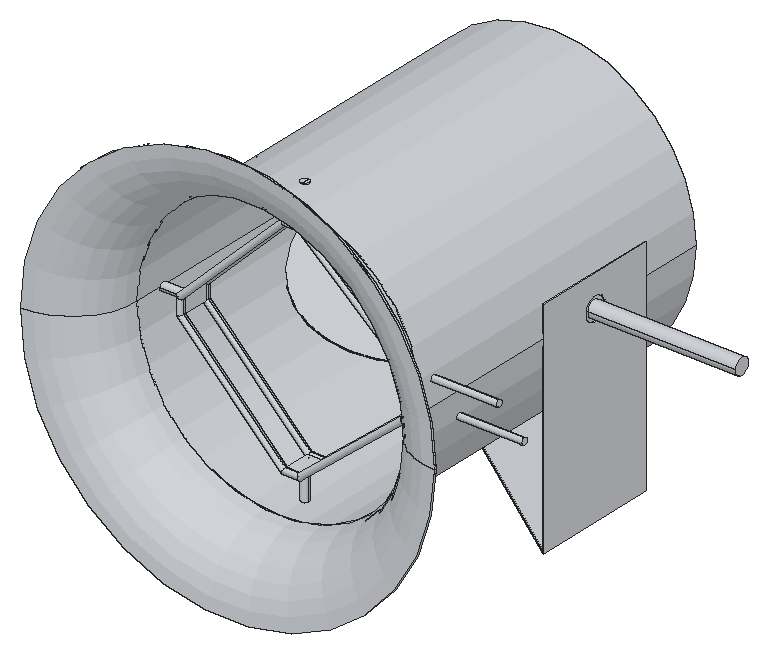
Revit family "R-650", category Mechanical Equipment, Revit 2015
Parameters
  Void Radius [instance] = Radius - 0' 0 5/256"  # 0' - 4 123/256"
  URL = "https://unitedenertech.com/catalog/pdf/L_7%20Model%20R-650.pdf"
  Type Comments = "Consult Factory for Max. Sizes"
  Radius [instance] = 0.5 * A  # 0' - 4 1/2"
  Model = "R-650"
  Manufacturer = "United Enertech Corporation"
  Keynote = ""
  Inner Radius [instance] = Radius - 0' 0 9/256"  # 0' - 4 119/256"
  A = 0' - 9"
  Description = "Retrofit Terminal, Round Ducts"
  C = 1' - 0 3/4"
  Blade Radius [instance] = Inner Radius - 0' 0 3/8"  # 0' - 4 23/256"
Reference planes (in)
  plane 1 "Center (Front/Back)": y = 0
  plane 2: z = 0
  plane 3 "Center (Left/Right)": x = 0
  plane 4: x = -4.5
  plane 5: x = 4.5
  plane 6: y = 8
  plane 7: y = 7
  plane 8: y = 1
  plane 9: x = -5.1
  plane 10: x = -2.6
  plane 11: x = 2.6
  plane 12: x = 9.14655
  plane 13: x = 4.5359
  plane 14: y = 6
  plane 15: y = 2
  plane 16: y = -2.71484
  plane 17: y = -1.71484
  plane 18: y = -4.71484
  plane 19: y = -4.75
  plane 20: x = -6.5
Forms (in)
  Extrusion 1, solid
    sketch origin (0, 0, 0) x (1, 0, 0) y (0, 0, 1)
      loop
        circle (0, 0) r 4.5
      loop
        circle (0, 0) r 4.46484
    from 2.71484 to -8
  Extrusion 2, solid
    sketch origin (0, 2.96472, 3.8637) x (1, 0, 0) y (0, 0.965926, 0.258819)
      loop
        circle (0, 0) r 4.08984
    from -4.01795 to -3.98205
  Extrusion 3, solid
    sketch origin (0, 0, 0) x (0, 1, 0) y (0, 0, 1)
      loop
        circle (4, 0) r 0.25
    from -5.1 to 9.14655
  Extrusion 4, solid
    sketch origin (0, 22.75673, 12.99985) x (0, 1, 0) y (0, 0, 1)
      loop
        line (-16.75673, -11.99985) -> (-20.75673, -11.99985) -> (-20.75673, -18.99985) -> (-16.75673, -18.99985) -> (-16.75673, -11.99985)
      loop
        circle (-18.75673, -12.99985) r 0.375
    from 4.5 to 4.5359
  Extrusion 5, solid
    sketch origin (0, 0, 0) x (1, 0, 0) y (0, 0, 1)
      loop
        line (4.5, -6) -> (4.5, -5.95269) -> (0, -0.55027) -> (0, -0.59758) -> (4.5, -6)
    from -6 to -2
  Extrusion 6, void
    sketch origin (-47.63577, 0, 15.85201) x (1, 0, 0) y (0, 0, 1)
      loop
        circle (47.63577, -15.85201) r 4.5
    from -13.1442 to 3.21369
  Revolve 7, solid
    sketch origin (0, 0, 0) x (1, 0, 0) y (0, 1, 0)
      loop
        arc (-4.5, -2.71484) -> (-5.08579, -4.12906) -> (-6.5, -4.71484) r 2
        line (-6.5, -4.71484) -> (-6.5, -4.75)
        arc (-6.5, -4.75) -> (-5.06093, -4.15392) -> (-4.46484, -2.71484) r 2.03516
        line (-4.46484, -2.71484) -> (-4.5, -2.71484)
      axis (0, -4.75) -> (0, -2.71484)
    angle from 0 to 360
Cuts and joins
  Extrusion 6 cuts Extrusion 5
Dimensions and locks (in)
  equal spacing: plane 4, plane 3 "Center (Left/Right)", plane 5
  "A": plane 4 to plane 5
  locked: plane 8 to plane 1 "Center (Front/Back)" at 1
  locked: plane 6 to plane 7 at 1
  locked: plane 9 to plane 4 at 0.6
  locked: plane 4 to plane 10 at 1.9
  locked: plane 11 to plane 5 at 1.9
  locked: plane 5 to plane 12 at 4.64655
  locked: plane 5 to plane 13 at 0.0359
  locked: plane 6 to plane 1 "Center (Front/Back)" at 8
  locked: plane 17 to plane 16 at 1
  locked: plane 16 to plane 18 at 2
  locked: plane 18 to plane 19 at 0.03516
  locked: plane 20 to plane 4 at 2
  "C": plane 6 to plane 19
  "Inner Radius": radius of Extrusion 1 sketch curve
  "Radius": radius of Extrusion 1 sketch curve
  "Blade Radius": radius of Extrusion 2 sketch curve
  "Radius": radius of Extrusion 6 sketch curve
  aligned and locked: level to plane 2
  aligned and locked: plane 6 to Extrusion 1
  aligned and locked: plane 9 to Extrusion 3
  aligned and locked: Extrusion 3 to plane 12
  aligned and locked: plane 13 to Extrusion 4
  aligned and locked: Extrusion 4 to plane 5
  aligned and locked: plane 5 to Extrusion 5
  aligned and locked: Extrusion 4 to Extrusion 5
  aligned and locked: Extrusion 5 to Extrusion 4
  aligned and locked: plane 16 to Extrusion 1
  aligned and locked: plane 17 to nested 1
  aligned and locked: level to nested 1
  aligned and locked: plane 3 "Center (Left/Right)" to nested 1
  aligned and locked: plane 20 to Revolve 7 sketch curve
  aligned and locked: plane 16 to Revolve 7 sketch curve
Automatic sketch dimensions
  Extrusion 3 sketch curve to level = 0' - 0"
  plane 7 to Extrusion 3 sketch curve = 0' - 3"
  Extrusion 4 sketch curve to plane 1 "Center (Front/Back)" = 0' - 2"
  level to Extrusion 4 sketch curve = 0' - 1"
  Extrusion 4 sketch curve to Extrusion 4 sketch curve = 0' - 4"
  Extrusion 4 sketch curve to Extrusion 4 sketch curve = 0' - 7"
  Extrusion 5 sketch curve to plane 3 "Center (Left/Right)" = 0' - 0"
  Extrusion 5 sketch curve to plane 5 = 0' - 0"
  Extrusion 5 sketch curve to level = 0' - 6"
  Extrusion 5 sketch curve to Extrusion 5 sketch curve = 0' - 0.04731"  (x2)
  Extrusion 5 sketch curve to level = 0' - 0.59758"
  Revolve 7 sketch curve to plane 4 = 0' - 0"
  Revolve 7 sketch curve to plane 3 "Center (Left/Right)" = 0' - 0"
  Revolve 7 sketch curve to plane 19 = 0' - 0"
  Revolve 7 sketch curve to plane 19 = 0' - 1 119/256"
  Revolve 7 sketch curve to plane 17 = 0' - 3"
  Extrusion 1 sketch curve to Extrusion 1 sketch curve = 0' - 0"  (x2)
  Extrusion 1 sketch curve to level = 0' - 0"
  Extrusion 1 sketch curve to plane 3 "Center (Left/Right)" = 0' - 0"
  Extrusion 2 sketch curve to plane 3 "Center (Left/Right)" = 0' - 0"
  Extrusion 6 sketch curve to level = 0' - 0"
  Extrusion 6 sketch curve to plane 3 "Center (Left/Right)" = 0' - 0"
  radius of Extrusion 3 sketch curve = 0' - 0 1/4"
Nested families (in)
  nested 1: "Flow Cross" at (0, -1.71484, 0), type "Flow Cross"
    with Dia 0' - 9"
Definition of nested family "Flow Cross"
  Parameters (values of type "Flow Cross")
    Dia = 1' - 0"
  Reference planes (in)
    plane 1 "Center (Front/Back)": y = 0
    plane 2: z = 0
    plane 3 "Center (Left/Right)": x = 0
    plane 4: x = -6
    plane 5: x = 6
    plane 6: z = 6
    plane 7: z = -6
    plane 8: y = -0.5
    plane 9: y = 0.5
    plane 10: z = -5
    plane 11: x = -5
    plane 12: x = 5
    plane 13: z = 5
    plane 14: x = -0.25
    plane 15: x = 0.25
    plane 16: z = 0.25
    plane 17: z = -0.25
    plane 18: x = -4.94
    plane 19: z = -4.94
    plane 20: z = 4.94
    plane 21: x = 4.94
    plane 22: x = 8
    plane 23: z = 0.75
    plane 24: z = -0.75
  Forms (in)
    Extrusion 1, solid
      sketch origin (0, 0, 0) x (1, 0, 0) y (0, 0, 1)
        loop
          line (-5, -0.25) -> (-4.94, -0.25) -> (-4.94, 0.25) -> (-5, 0.25) -> (-5, -0.25)
      from -0.5 to 0.5
    Extrusion 2, solid
      sketch origin (0, 0, 0) x (1, 0, 0) y (0, 0, 1)
        loop
          line (-0.25, 4.94) -> (0.25, 4.94) -> (0.25, 5) -> (-0.25, 5) -> (-0.25, 4.94)
      from -0.5 to 0.5
    Extrusion 3, solid
      sketch origin (0, 0, 0) x (1, 0, 0) y (0, 0, 1)
        loop
          line (-0.25, -5) -> (0.25, -5) -> (0.25, -4.94) -> (-0.25, -4.94) -> (-0.25, -5)
      from -0.5 to 0.5
    Extrusion 4, solid
      sketch origin (0, 0, 0) x (1, 0, 0) y (0, 1, 0)
        loop
          circle (0, 0) r 0.12339
      from -6 to -5
    Extrusion 5, solid
      sketch origin (0, 0, 0) x (1, 0, 0) y (0, 1, 0)
        loop
          circle (0, 0) r 0.125
      from 5 to 6
    Extrusion 6, solid
      sketch origin (0, 0, 0) x (0, 1, 0) y (0, 0, 1)
        loop
          circle (0, 0) r 0.125
      from -6 to -5
    Sweep 7, solid
      path origin (0, 0, 0) x (1, 0, 0) y (0, 0, 1)
        loop
          line (8, 0.75) -> (5, 0.75) -> (0.25, 5) -> (-0.25, 5) -> (-5, 0.25) -> (-5, -0.25) -> (-0.25, -5) -> (0.25, -5) -> (5, -0.75)
      profile origin (6.5, 0, 0.75) x (0, 0, -1) y (0, -1, 0)
        loop
          circle (0, 0.5) r 0.09375
    Sweep 8, solid
      path origin (0, 0, 0) x (1, 0, 0) y (0, 0, 1)
        loop
          line (8, -0.75) -> (5, -0.75) -> (0.25, -5) -> (-0.25, -5) -> (-5, -0.25) -> (-5, 0.25) -> (-0.25, 5) -> (0.25, 5) -> (5, 0.75)
      profile origin (6.5, 0, -0.75) x (0, 0, -1) y (0, -1, 0)
        loop
          circle (0, -0.5) r 0.09375
  Dimensions and locks (in)
    equal spacing: plane 4, plane 3 "Center (Left/Right)", plane 5
    "Dia": plane 4 to plane 5
    equal spacing: plane 6, level, plane 7
    "Dia": plane 6 to plane 7
    locked: plane 8 to plane 1 "Center (Front/Back)" at 0.5
    locked: plane 9 to plane 1 "Center (Front/Back)" at 0.5
    locked: plane 10 to plane 7 at 1
    locked: plane 6 to plane 13 at 1
    locked: plane 4 to plane 11 at 1
    locked: plane 5 to plane 12 at 1
    locked: plane 14 to plane 3 "Center (Left/Right)" at 0.25
    locked: plane 3 "Center (Left/Right)" to plane 15 at 0.25
    locked: level to plane 17 at 0.25
    locked: plane 16 to level at 0.25
    locked: plane 11 to plane 18 at 0.06
    locked: plane 21 to plane 12 at 0.06
    locked: plane 19 to plane 10 at 0.06
    locked: plane 13 to plane 20 at 0.06
    locked: level to plane 24 at 0.75
    locked: plane 23 to level at 0.75
    plane 17 to plane 19 = 0' - 4.69"
    plane 14 to plane 18 = 0' - 4.69"
    plane 20 to plane 16 = 0' - 4.69"
    plane 21 to plane 15 = 0' - 4.69"
    locked: plane 5 to plane 22 at 2
    aligned and locked: level to plane 2
    aligned and locked: plane 11 to Extrusion 1 sketch curve
    aligned and locked: Extrusion 1 sketch curve to plane 17
    aligned and locked: plane 18 to Extrusion 1 sketch curve
    aligned and locked: plane 16 to Extrusion 1 sketch curve
    aligned and locked: Extrusion 1 to plane 8
    aligned and locked: plane 9 to Extrusion 1
    aligned and locked: Extrusion 2 sketch curve to plane 13
    aligned and locked: plane 15 to Extrusion 2 sketch curve
    aligned and locked: plane 14 to Extrusion 2 sketch curve
    aligned and locked: plane 20 to Extrusion 2 sketch curve
    aligned and locked: plane 9 to Extrusion 2
    aligned and locked: Extrusion 2 to plane 8
    aligned and locked: plane 14 to Extrusion 3 sketch curve
    aligned and locked: plane 15 to Extrusion 3 sketch curve
    aligned and locked: plane 19 to Extrusion 3 sketch curve
    aligned and locked: Extrusion 3 sketch curve to plane 10
    aligned and locked: plane 9 to Extrusion 3
    aligned and locked: Extrusion 3 to plane 8
    aligned and locked: Extrusion 4 to plane 7
    aligned and locked: plane 10 to Extrusion 4
    aligned and locked: plane 6 to Extrusion 5
    aligned and locked: plane 13 to Extrusion 5
    aligned and locked: plane 4 to Extrusion 6
    aligned and locked: Extrusion 6 to plane 11
    aligned and locked: plane 12 to Sweep 7 sketch curve  (x2)
    aligned and locked: plane 24 to Sweep 7 sketch curve
    aligned and locked: plane 23 to Sweep 7 sketch curve  (x2)
    aligned and locked: plane 22 to Sweep 7 sketch curve
    aligned and locked: plane 13 to Sweep 7 sketch curve  (x2)
    aligned and locked: plane 15 to Sweep 7 sketch curve  (x2)
    aligned and locked: plane 14 to Sweep 7 sketch curve  (x2)
    aligned and locked: plane 11 to Sweep 7 sketch curve  (x2)
    aligned and locked: plane 16 to Sweep 7 sketch curve
    aligned and locked: plane 17 to Sweep 7 sketch curve
    aligned and locked: plane 10 to Sweep 7 sketch curve  (x2)
    aligned and locked: plane 23 to Sweep 8 sketch curve
    aligned and locked: plane 12 to Sweep 8 sketch curve  (x2)
    aligned and locked: plane 15 to Sweep 8 sketch curve  (x2)
    aligned and locked: plane 14 to Sweep 8 sketch curve  (x2)
    aligned and locked: plane 13 to Sweep 8 sketch curve  (x2)
    aligned and locked: plane 16 to Sweep 8 sketch curve
    aligned and locked: plane 17 to Sweep 8 sketch curve
    aligned and locked: plane 11 to Sweep 8 sketch curve  (x2)
    aligned and locked: plane 10 to Sweep 8 sketch curve  (x2)
    aligned and locked: plane 24 to Sweep 8 sketch curve  (x2)
    aligned and locked: plane 22 to Sweep 8 sketch curve
  Automatic sketch dimensions
    plane 1 "Center (Front/Back)" to Extrusion 4 sketch curve = 0' - 0"
    Extrusion 4 sketch curve to plane 3 "Center (Left/Right)" = 0' - 0"
    plane 1 "Center (Front/Back)" to Extrusion 5 sketch curve = 0' - 0"
    Extrusion 5 sketch curve to plane 3 "Center (Left/Right)" = 0' - 0"
    Extrusion 6 sketch curve to level = 0' - 0"
    Extrusion 6 sketch curve to plane 1 "Center (Front/Back)" = 0' - 0"
    Sweep 7 sketch curve to profile plane = 0' - 0"
    plane 1 "Center (Front/Back)" to Sweep 7 sketch curve = 0' - 0 1/2"
    Sweep 8 sketch curve to profile plane = 0' - 0"
    Sweep 8 sketch curve to plane 1 "Center (Front/Back)" = 0' - 0 1/2"
    radius of Extrusion 4 sketch curve = 0' - 0.12339"
    radius of Extrusion 5 sketch curve = 0' - 0 1/8"
    radius of Extrusion 6 sketch curve = 0' - 0 1/8"
    radius of Sweep 7 sketch curve = 0' - 0 3/32"
    radius of Sweep 8 sketch curve = 0' - 0 3/32"
